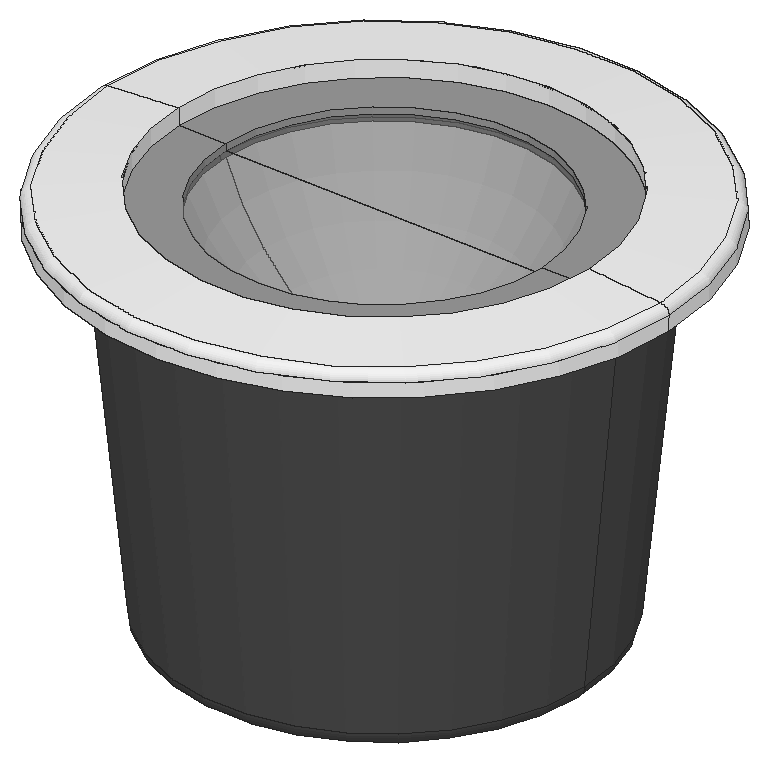
Revit family "3097177 Lighting Fixture_Sylvania_Insaver LED 75 - Round - White Bezel_Ceiling Recessed", category Lighting Fixtures, host Face, Revit 2017
Family settings
  Host = Face
  Round Connector Dimension = Use Diameter
  Part Type = Normal
  OmniClass Number = 23.80.70.11.17
  OmniClass Title = Specialized Lighting by Location or Use
  Cut with Voids When Loaded = No
  Light Source = Yes
  Shared = No
  Room Calculation Point = No
Parameters (values of type "Insaver 75 LED RS 16W WW EB WH")
  Weight = 0.4 kg  # constant formula
  Wattage = 16 W
  built-in parameter 1150110 = 1 (stored number, unit not read)
  Voltage Comments = "UNV (Universal Voltage; 230/240 Volt)"  # constant formula
  Voltage = 230 V  # constant formula
  URL = "http://www.sylvania-lighting.com"
  Transformator Marerial = Metallic Paint_Sylvania_Insaver LED 75_Black_RAL 9005
  built-in parameter 1114217 = 1 (stored number, unit not read)
  Tilt Angle = -90°
  built-in parameter 1150109 = 1 (stored number, unit not read)
  built-in parameter 1150134 = 12
  T Class Min = -1 °C
  T Class Max = -1 °C
  built-in parameter 1150113 = 1 (stored number, unit not read)
  Radius = 45.0 mm  # constant formula
  Product Page URL = "http://www.sylvania-lighting.com/product/en-int/products/3097177"
  Product Family = "Insaver LED 75 - Round - White Bezel"  # constant formula
  Photometry Comments = ""
  Photometric Web File = "3097176_InsaverLED7513WWWSTD-98563.ies"
  Life = "50 000 h"  # constant formula
  IP Rating = "IP65"  # constant formula
  Emit from Circle Diameter = Diameter - 40.0 mm  # 50.0 mm
  Electrical Protection = "Class II"  # constant formula
  Drive Current = "350 mA"  # constant formula
  Diameter = Radius * 2  # 90.0 mm
  Cutout Diameter = 75.0 mm  # constant formula
  CRI ( Ra ) = 85  # constant formula
  Beam Angle = 55°  # constant formula
  Accesory Material = Metallic Paint_Sylvania_Insaver LED 75_White_RAL 9016
  Height = 65.0 mm  # constant formula
  built-in parameter 1114216 [instance] = 1 (stored number, unit not read)
  Model = "Insaver 75 LED RS 16W WW EB WH"
  Manufacturer = "Feilo Sylvania"
  built-in parameter 1150105 = 56.023 (stored number, unit not read)
  Lumens = 704 lm
  built-in parameter 1150115 = 1 (stored number, unit not read)
  built-in parameter 1150137 = (empty or 0)
  built-in parameter 1150139 = (empty or 0)
  built-in parameter 1150112 = 1 (stored number, unit not read)
  built-in parameter 1150114 = 1 (stored number, unit not read)
  Lamp Comments = "Integrated LED"  # constant formula
  Lamp = "16W High Brightnes LED array"
  built-in parameter 1150132 = 2
  built-in parameter 1150102 = (empty or 0)
  built-in parameter 1150107 = 4000 (stored number, unit not read)
  built-in parameter 1150138 = (empty or 0)
  built-in parameter 1150106 = 0.56023 (stored number, unit not read)
  Reflector Material = Aluminium_Sylvania_Insaver LED 75_Silver
  Emit Shape Visible in Rendering = no
  built-in parameter 1150104 = 4.0877 (stored number, unit not read)
  Dimming Lamp Color Temperature Shift = <None>
  Description = "Innovative square or round design using array chip technology High colour\r\nrendering index CRI Thermal management ensures service life up to 50.000\r\nhrs Low power consumption - 16W"  # constant formula
  Default Elevation = 0.0 mm
  Color Filter = 16777215
  Catalog Number = "3097176 Insaver 75 LED RS 16W WW EB WH"
  built-in parameter 1140040 [instance] = (empty or 0)
  built-in parameter 1114218 = 1 (stored number, unit not read)
  built-in parameter 1150133 = 10 (stored number, unit not read)
  Assembly Code = "D5020200"
  Apparent Load Comments = ""
  Apparent Load = 16 VA
Types (2, lengths in mm): name | Wattage | Photometric Web File | Model | built-in parameter 1150105 | Lumens | built-in parameter 1150106 | Catalog Number
  Insaver 75 LED RS 16W WW EB WH | 16 W | "3097176_InsaverLED7513WWWSTD-98563.ies" | "Insaver 75 LED RS 16W WW EB WH" | 56.023 (stored number, unit not read) | 704 lm | 0.56023 (stored number, unit not read) | "3097176 Insaver 75 LED RS 16W WW EB WH"
  Insaver 75 LED RD HO 16W NW EB WH | 25.2273 W | "3097177_Insaver75LEDRDHO16WNWEBWH-98583.ies" | "Insaver 75 LED RD HO 16W NW EB WH" | 88.331 (stored number, unit not read) | 1110 lm | 0.88331 (stored number, unit not read) | "3097177 Insaver 75 LED RD HO 16W NW EB WH"
Reference planes
  plane 1 "Center (Front/Back)": y = 0
  plane 2: z = 0
  plane 3 "Center (Left/Right)": x = 0
  plane 4: z = 0
  plane 5 "Fixture Bottom": z = 4.5
  plane 6 "Fixture Top": z = -65
  plane 7: z = 2
Forms (mm)
  Extrusion 1, void
    sketch origin (0, 0, 59) x (-1, 0, 0) y (0, -1, 0)
      loop
        circle (0, 0) r 37.5
    from -309 to 86
  Revolve 2, solid, material "Metallic Paint_Sylvania_Insaver LED 75_Black_RAL 9005" <- "Transformator Marerial", detail levels fine
    sketch origin (0, 0, 0) x (1, 0, 0) y (0, 0, 1)
      loop
        arc (26.104, 0) -> (19.919, -11.419) -> (10.298, -20.14) r 38.6
        line (10.298, -20.14) -> (0, -20.14) -> (0, -65)
        arc (0, -65) -> (15.667, -62.963) -> (30.31, -57.032) r 62
        arc (30.31, -57.032) -> (31.261, -56.188) -> (31.777, -55.026) r 3
        arc (31.777, -55.026) -> (35.691, -29.638) -> (37, -3.983) r 252
        line (37, -3.983) -> (37, 0) -> (26.104, 0)
      axis (0, -65) -> (0, 0)
    angle from 0 to 360
  Revolve 3, solid, material "Metallic Paint_Sylvania_Insaver LED 75_White_RAL 9016" <- "Accesory Material", detail levels fine
    sketch origin (0, 0, 27.453) x (1, 0, 0) y (0, 0, 1)
      loop
        line (45, -27.453) -> (45, -25.318)
        arc (45, -25.318) -> (44.613, -24.317) -> (43.654, -23.837) r 1.488
        line (43.654, -23.837) -> (32.5, -22.953) -> (32.5, -27.453) -> (45, -27.453)
      axis (0, -27.453) -> (0, -22.953)
    angle from 0 to 360
  Revolve 4, solid, material "Aluminium_Sylvania_Insaver LED 75_Silver" <- "Reflector Material", detail levels fine
    sketch origin (0, 0, 42.453) x (1, 0, 0) y (0, 0, 1)
      loop
        line (32.5, -42.453) -> (32.5, -40.453) -> (25, -40.453) -> (25, -41.453) -> (0, -41.453) -> (0, -42.453) -> (25.043, -42.453)
        arc (25.043, -42.453) -> (19.112, -53.273) -> (10, -61.593) r 37.622
        line (10, -61.593) -> (0, -61.593) -> (0, -62.593) -> (10.298, -62.593)
        arc (10.298, -62.593) -> (19.918, -53.871) -> (26.104, -42.453) r 38.624
        line (26.104, -42.453) -> (32.5, -42.453)
      axis (0, -62.593) -> (0, -40.453)
    angle from 0 to 360
  Revolve 5, solid, material "Metallic Paint_Sylvania_Insaver LED 75_White_RAL 9016" <- "Accesory Material", detail levels coarse+medium
    sketch origin (0, 0, 60) x (1, 0, 0) y (0, 0, 1)
      loop
        line (0, -55.5) -> (0, -125)
        arc (0, -125) -> (15.667, -122.963) -> (30.31, -117.032) r 62
        arc (30.31, -117.032) -> (31.261, -116.188) -> (31.777, -115.026) r 3
        arc (31.777, -115.026) -> (35.691, -89.638) -> (37, -63.983) r 252
        line (37, -63.983) -> (37, -60) -> (45, -60) -> (45, -55.5) -> (0, -55.5)
      axis (0, -125) -> (0, -55.5)
    angle from 0 to 360
Dimensions and locks
  "Height": host face to plane 6 "Fixture Top"
  "Radius": Revolve 3 sketch curve to imposter light
  locked: plane 5 "Fixture Bottom" to level at 4.5
  locked: plane 5 "Fixture Bottom" to plane 7 at 2.5
  locked: Revolve 3 sketch curve to Revolve 3 sketch curve at 12.5
  locked: Revolve 4 sketch curve to host face at 1
  "Radius": Revolve 5 sketch curve to Revolve 5 sketch curve
  locked: Revolve 5 sketch curve to Revolve 5 sketch curve at 37
  locked: Revolve 2 sketch curve to Revolve 2 sketch curve at 37
  "Cutout Diameter": diameter of Extrusion 1 sketch curve
  aligned and locked: plane 2 to host face
  aligned and locked: level to host face
  aligned and locked: plane 1 "Center (Front/Back)" to imposter light
  aligned and locked: level to Revolve 3 sketch curve
  aligned and locked: imposter light to Revolve 3 sketch curve
  aligned and locked: Revolve 2 sketch curve to level
  aligned and locked: level to Revolve 4 sketch curve  (x2)
  aligned and locked: plane 7 to Revolve 4 sketch curve
  aligned and locked: plane 6 "Fixture Top" to Revolve 5 sketch curve
  aligned and locked: plane 5 "Fixture Bottom" to Revolve 5 sketch curve
  aligned and locked: Revolve 5 sketch curve to Revolve 5 sketch curve
  aligned and locked: plane 6 "Fixture Top" to Revolve 2 sketch curve
  aligned and locked: plane 5 "Fixture Bottom" to imposter light
Automatic sketch dimensions
  host sketch curve to host sketch curve = 1305.563 mm
  host sketch curve to host sketch curve = 1283.632 mm
  Revolve 4 sketch curve to Revolve 4 sketch curve = 0.0 mm  (x2)
  Revolve 4 sketch curve to plane 3 "Center (Left/Right)" = 0.0 mm  (x3)
  Revolve 4 sketch curve to level = 20.14 mm
  Revolve 4 sketch curve to Revolve 4 sketch curve = 10.0 mm
  Revolve 4 sketch curve to Revolve 4 sketch curve = 0.298 mm
  plane 3 "Center (Left/Right)" to Revolve 4 sketch curve = 25.0 mm
  Revolve 4 sketch curve to Revolve 4 sketch curve = 0.043 mm
  Revolve 4 sketch curve to Revolve 4 sketch curve = 1.06 mm
  Revolve 4 sketch curve to Revolve 4 sketch curve = 6.396 mm
  plane 5 "Fixture Bottom" to Revolve 4 sketch curve = 7.927 mm
  Revolve 4 sketch curve to plane 6 "Fixture Top" = 195.546 mm
  Revolve 4 sketch curve to Revolve 4 sketch curve = 337.219 mm
  Revolve 2 sketch curve to plane 3 "Center (Left/Right)" = 0.0 mm  (x2)
  Revolve 2 sketch curve to level = 20.14 mm
  plane 3 "Center (Left/Right)" to Revolve 2 sketch curve = 10.298 mm
  Revolve 2 sketch curve to Revolve 2 sketch curve = 10.896 mm
  plane 5 "Fixture Bottom" to Revolve 2 sketch curve = 7.911 mm
  Revolve 2 sketch curve to plane 6 "Fixture Top" = 237.999 mm
  Revolve 2 sketch curve to Revolve 2 sketch curve = 294.19 mm
  Revolve 2 sketch curve to level = 3.983 mm
  Revolve 2 sketch curve to plane 3 "Center (Left/Right)" = 0.096 mm
  plane 6 "Fixture Top" to Revolve 2 sketch curve = 10.582 mm
  plane 3 "Center (Left/Right)" to Revolve 2 sketch curve = 28.839 mm
  Revolve 2 sketch curve to Revolve 2 sketch curve = 1.471 mm
  Revolve 2 sketch curve to Revolve 2 sketch curve = 0.0 mm  (x2)
  plane 1 "Center (Front/Back)" to Extrusion 1 sketch curve = 0.0 mm
  Extrusion 1 sketch curve to plane 3 "Center (Left/Right)" = 0.0 mm
  Revolve 3 sketch curve to plane 3 "Center (Left/Right)" = 0.0 mm
  plane 7 to Revolve 3 sketch curve = 0.135 mm
  Revolve 3 sketch curve to Revolve 3 sketch curve = 1.488 mm
  Revolve 3 sketch curve to plane 5 "Fixture Bottom" = 0.884 mm
  Revolve 3 sketch curve to plane 6 "Fixture Top" = 210.546 mm
  plane 5 "Fixture Bottom" to Revolve 3 sketch curve = 329.554 mm
  Revolve 5 sketch curve to plane 3 "Center (Left/Right)" = 0.0 mm
  Revolve 5 sketch curve to level = 0.0 mm
  Revolve 5 sketch curve to plane 3 "Center (Left/Right)" = 0.096 mm
  Revolve 5 sketch curve to level = 3.983 mm
  Revolve 5 sketch curve to Revolve 5 sketch curve = 214.904 mm
  plane 6 "Fixture Top" to Revolve 5 sketch curve = 10.582 mm
  plane 3 "Center (Left/Right)" to Revolve 5 sketch curve = 28.839 mm
  Revolve 5 sketch curve to level = 3.0 mm
  Revolve 5 sketch curve to Revolve 5 sketch curve = 0.0 mm
  Revolve 5 sketch curve to plane 6 "Fixture Top" = 177.999 mm
  Revolve 5 sketch curve to Revolve 5 sketch curve = 362.101 mm
Connectors
  electrical at (0, 0, -65), driven by "Voltage", driven by "Apparent Load"
    settings: index 1, voltage 230 V, apparent load 0 VA, apparent load phase1 16 VA, apparent load phase2 0 VA, apparent load phase3 0 VA, power factor 1, load classification "Lighting", number of poles 1, system type 31, power factor state 1, is connector primary yes, connector utility no, sub classification motor no, connector description ""
